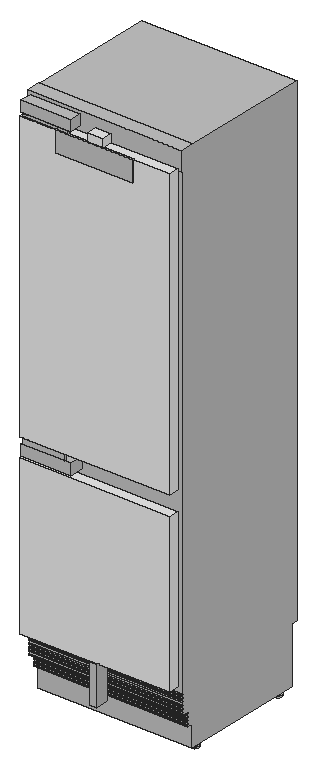
Revit family "FP_Revit_18_RS2484WLUK1_Fridge_90001068A", category Specialty Equipment, Revit 2018 (continued)
Definition of nested family "Handle Professional Round - Vertical"
  Automatic sketch dimensions
    Sweep 5 sketch curve to profile plane = 3 mm  (x2)
    Extrusion 6 sketch curve to plane 3 "Center (Left/Right)" = 0 mm
    Extrusion 6 sketch curve to plane 3 "Center (Left/Right)" = 18.5 mm
    plane 1 "Center (Front/Back)" to Extrusion 6 sketch curve = 41.7 mm
    Extrusion 6 sketch curve to Extrusion 6 sketch curve = 41.7 mm
    Extrusion 7 sketch curve to plane 3 "Center (Left/Right)" = 0 mm
    Extrusion 7 sketch curve to plane 3 "Center (Left/Right)" = 18.5 mm
    plane 1 "Center (Front/Back)" to Extrusion 7 sketch curve = 41.7 mm
    Extrusion 7 sketch curve to Extrusion 7 sketch curve = 41.7 mm
    radius of Extrusion 3 sketch curve = 12.7 mm
Definition of nested family "Handle Professional Round Flush - Vertical"
  Parameters (values of type "AHP3-RD84 - Professional round flush handle (Vertical) 677mm")
    URL = "www.fisherpaykel.com"
    Material - Handle = none
    Manufacturer = "Fisher & Paykel Appliances"
    Handle - Length = 677 mm
  Types (4): name
    (no name)
    AHP3RD2484W - Professional round flush handle (1 of 2) (Vertical) 677mm
    AHP3RD3084W - Professional round flush handle (1 of 2) (Vertical) 677mm
    AHP3-RD84 - Professional round flush handle (Vertical) 677mm
  Reference planes
    plane 1 "Center (Front/Back)": y = 0
    plane 2: z = 0
    plane 3 "Center (Left/Right)": x = 0
    plane 4 "Top": z = 338.5
    plane 5 "Bottom": z = -338.5
    plane 6 "Top Standoff": z = 303.5
    plane 7 "Bottom Standoff": z = -303.5
  Forms (mm)
    Extrusion 1, solid, material <- "Material - Handle", detail levels fine
      sketch origin (0, 0, 0) x (1, 0, 0) y (0, 1, 0)
        loop
          arc (-12.817, -46.665) -> (0, -58.016) -> (12.817, -46.665) r 12.912
          line (12.817, -46.665) -> (18.5, 0) -> (-18.5, 0) -> (-12.817, -46.665)
      from 303.5 to 338.5
    Extrusion 2, solid, material <- "Material - Handle", detail levels fine
      sketch origin (0, 0, 0) x (1, 0, 0) y (0, 1, 0)
        loop
          arc (-12.817, -46.665) -> (0, -58.016) -> (12.817, -46.665) r 12.912
          line (12.817, -46.665) -> (18.5, 0) -> (-18.5, 0) -> (-12.817, -46.665)
      from -338.5 to -303.5
    Extrusion 3, solid, material <- "Material - Handle"
      sketch origin (0, 0, 0) x (1, 0, 0) y (0, 1, 0)
        loop
          circle (0, -45.116) r 12.7
      from -303.5 to 303.5
    Sweep 4, void
      path in 3D
        loop
          line (18.5, 0, 338.5) -> (12.817, -46.665, 338.5)
          arc (12.817, -46.665, 338.5) -> (0, -58.016, 338.5) -> (-12.817, -46.665, 338.5) r 12.912
          line (-12.817, -46.665, 338.5) -> (-18.5, 0, 338.5)
      profile origin (0, -58.016, 338.5) x (0, -1, 0) y (0, 0, 1)
        loop
          line (0, 0) -> (-1.5, 0) -> (0, -1.5) -> (0, 0)
    Sweep 5, void
      path in 3D
        loop
          line (-18.5, 0, -338.5) -> (-12.817, -46.665, -338.5)
          arc (-12.817, -46.665, -338.5) -> (0, -58.016, -338.5) -> (12.817, -46.665, -338.5) r 12.912
          line (12.817, -46.665, -338.5) -> (18.5, 0, -338.5)
      profile origin (0, -58.016, -338.5) x (0, -1, 0) y (0, 0, -1)
        loop
          line (0, 0) -> (-1.5, 0) -> (0, -1.5) -> (0, 0)
    Extrusion 6, solid, material <- "Material - Handle", detail levels coarse+medium
      sketch origin (0, 0, 0) x (1, 0, 0) y (0, 1, 0)
        loop
          arc (-12.817, -46.665) -> (0, -58.016) -> (12.817, -46.665) r 12.912
          line (12.817, -46.665) -> (18.5, 0) -> (-18.5, 0) -> (-12.817, -46.665)
      from 303.5 to 338.5
    Extrusion 7, solid, material <- "Material - Handle", detail levels coarse+medium
      sketch origin (0, 0, 0) x (1, 0, 0) y (0, 1, 0)
        loop
          arc (-12.817, -46.665) -> (0, -58.016) -> (12.817, -46.665) r 12.912
          line (12.817, -46.665) -> (18.5, 0) -> (-18.5, 0) -> (-12.817, -46.665)
      from -338.5 to -303.5
  Cuts and joins
    Sweep 4 cuts Extrusion 1
    Sweep 5 cuts Extrusion 2
  Lines and regions (mm)
    sketch lines
      curve 1: arc (12.817, -46.665, 338.5) -> (0, -58.016, 338.5) -> (-12.817, -46.665, 338.5) r 12.912
      curve 2: line (12.817, -46.665, 338.5) -> (18.5, 0, 338.5)
      curve 3: line (-18.5, 0, 338.5) -> (-12.817, -46.665, 338.5)
      curve 4: arc (-12.817, -46.665, -338.5) -> (0, -58.016, -338.5) -> (12.817, -46.665, -338.5) r 12.912
      curve 5: line (18.5, 0, -338.5) -> (12.817, -46.665, -338.5)
      curve 6: line (-12.817, -46.665, -338.5) -> (-18.5, 0, -338.5)
  Dimensions and locks
    equal spacing: plane 4 "Top", level, plane 5 "Bottom"
    "Handle - Length": plane 4 "Top" to plane 5 "Bottom"
    aligned and locked: level to plane 2
    aligned and locked: plane 4 "Top" to Extrusion 1
    aligned and locked: Extrusion 1 to plane 6 "Top Standoff"
    aligned and locked: Extrusion 2 to plane 5 "Bottom"
    aligned and locked: plane 1 "Center (Front/Back)" to Extrusion 2 sketch curve
    aligned and locked: plane 6 "Top Standoff" to Extrusion 3
    aligned and locked: Extrusion 3 to plane 7 "Bottom Standoff"
  Automatic sketch dimensions
    plane 1 "Center (Front/Back)" to Extrusion 1 sketch curve = 0 mm
    Extrusion 1 sketch curve to plane 3 "Center (Left/Right)" = 0 mm
    Extrusion 1 sketch curve to plane 3 "Center (Left/Right)" = 12.817 mm
    Extrusion 1 sketch curve to plane 3 "Center (Left/Right)" = 18.5 mm
    plane 3 "Center (Left/Right)" to Extrusion 1 sketch curve = 12.817 mm
    plane 3 "Center (Left/Right)" to Extrusion 1 sketch curve = 18.5 mm
    plane 1 "Center (Front/Back)" to Extrusion 1 sketch curve = 45.104 mm
    Extrusion 1 sketch curve to Extrusion 1 sketch curve = 1.561 mm
    Extrusion 2 sketch curve to plane 3 "Center (Left/Right)" = 0 mm
    Extrusion 2 sketch curve to plane 3 "Center (Left/Right)" = 12.817 mm
    Extrusion 2 sketch curve to plane 3 "Center (Left/Right)" = 18.5 mm
    plane 3 "Center (Left/Right)" to Extrusion 2 sketch curve = 12.817 mm
    plane 3 "Center (Left/Right)" to Extrusion 2 sketch curve = 18.5 mm
    plane 1 "Center (Front/Back)" to Extrusion 2 sketch curve = 45.104 mm
    Extrusion 2 sketch curve to Extrusion 2 sketch curve = 1.561 mm
    Extrusion 3 sketch curve to plane 3 "Center (Left/Right)" = 0 mm
    plane 1 "Center (Front/Back)" to Extrusion 3 sketch curve = 45.116 mm
    Sweep 4 sketch curve to profile plane = 0 mm  (x2)
    profile plane to Sweep 4 sketch curve = 1.5 mm
    Sweep 4 sketch curve to profile plane = 1.5 mm
    profile plane to Sweep 5 sketch curve = 0 mm
    Sweep 5 sketch curve to profile plane = 0 mm
    profile plane to Sweep 5 sketch curve = 1.5 mm
    Sweep 5 sketch curve to profile plane = 1.5 mm
    Extrusion 6 sketch curve to plane 3 "Center (Left/Right)" = 0 mm
    Extrusion 6 sketch curve to plane 3 "Center (Left/Right)" = 12.817 mm
    Extrusion 6 sketch curve to plane 3 "Center (Left/Right)" = 18.5 mm
    plane 3 "Center (Left/Right)" to Extrusion 6 sketch curve = 12.817 mm
    plane 3 "Center (Left/Right)" to Extrusion 6 sketch curve = 18.5 mm
    plane 1 "Center (Front/Back)" to Extrusion 6 sketch curve = 46.665 mm
    Extrusion 6 sketch curve to Extrusion 6 sketch curve = 1.561 mm
    Extrusion 6 sketch curve to Extrusion 6 sketch curve = 46.665 mm
    Extrusion 7 sketch curve to plane 3 "Center (Left/Right)" = 0 mm
    Extrusion 7 sketch curve to plane 3 "Center (Left/Right)" = 12.817 mm
    Extrusion 7 sketch curve to plane 3 "Center (Left/Right)" = 18.5 mm
    plane 3 "Center (Left/Right)" to Extrusion 7 sketch curve = 12.817 mm
    plane 3 "Center (Left/Right)" to Extrusion 7 sketch curve = 18.5 mm
    plane 1 "Center (Front/Back)" to Extrusion 7 sketch curve = 46.665 mm
    Extrusion 7 sketch curve to Extrusion 7 sketch curve = 1.561 mm
    Extrusion 7 sketch curve to Extrusion 7 sketch curve = 46.665 mm
    radius of Extrusion 3 sketch curve = 12.7 mm
Definition of nested family "Handle Professional Square - Vertical"
  Parameters (values of type "AHV2RS3272A - Professional square handle (1 of 2) (Vertical) 727mm")
    URL = "www.fisherpaykel.com"
    Material - Handle = none
    Manufacturer = "Fisher & Paykel Appliances"
    Handle - Length = 727 mm
  Types (5, lengths in mm): name | Handle - Length
    (no name) | 727
    AHV2RD2484W - Professional square handle (1 of 2) (Vertical) 727mm | 727
    AHV2RD3084W - Professional square handle (1 of 2) (Vertical) 727mm | 727
    AHV2-RD84 - Professional square handle (Vertical) 792mm | 792
    AHV2RS3272A - Professional square handle (1 of 2) (Vertical) 727mm | 727
  Reference planes
    plane 1 "Center (Front/Back)": y = 0
    plane 2: z = 0
    plane 3 "Center (Left/Right)": x = 0
    plane 4 "Top": z = 363.5
    plane 5 "Bottom": z = -363.5
    plane 6 "Top Standoff": z = 313.5
    plane 7 "Bottom Standoff": z = -313.5
  Forms (mm)
    Extrusion 1, solid, material <- "Material - Handle", detail levels fine
      sketch origin (0, 0, 0) x (0, 1, 0) y (0, 0, 1)
        loop
          line (0, 363.5) -> (-40, 363.5)
          arc (-40, 363.5) -> (-47.071, 360.571) -> (-50, 353.5) r 10
          line (-50, 353.5) -> (-50, 313.5) -> (0, 313.5) -> (0, 363.5)
        loop
          line (0, -363.5) -> (0, -313.5) -> (-50, -313.5) -> (-50, -353.5)
          arc (-50, -353.5) -> (-47.071, -360.571) -> (-40, -363.5) r 10
          line (-40, -363.5) -> (0, -363.5)
      from -17.5 to 17.5
    Sweep 2, void
      path in 3D
        loop
          line (17.5, 0, 363.5) -> (17.5, -40, 363.5)
          arc (17.5, -40, 363.5) -> (17.5, -47.071, 360.571) -> (17.5, -50, 353.5) r 10
          line (17.5, -50, 353.5) -> (17.5, -50, 313.5)
      profile origin (17.5, -20, 363.5) x (1, 0, 0) y (0, 0, 1)
        loop
          line (0, 0) -> (-2.5, 0) -> (0, -2.5) -> (0, 0)
    Sweep 3, void
      path in 3D
        loop
          line (-17.5, -50, 313.5) -> (-17.5, -50, 353.5)
          arc (-17.5, -50, 353.5) -> (-17.5, -47.071, 360.571) -> (-17.5, -40, 363.5) r 10
          line (-17.5, -40, 363.5) -> (-17.5, 0, 363.5)
      profile origin (-17.5, -20, 363.5) x (-1, 0, 0) y (0, 0, 1)
        loop
          line (0, 0) -> (-2.5, 0) -> (0, -2.5) -> (0, 0)
    Sweep 4, void
      path in 3D
        loop
          line (17.5, -50, -313.5) -> (17.5, -50, -353.5)
          arc (17.5, -50, -353.5) -> (17.5, -47.071, -360.571) -> (17.5, -40, -363.5) r 10
          line (17.5, -40, -363.5) -> (17.5, 0, -363.5)
      profile origin (17.5, -20, -363.5) x (1, 0, 0) y (0, 0, -1)
        loop
          line (0, 0) -> (-2.5, 0) -> (0, -2.5) -> (0, 0)
    Sweep 5, void
      path in 3D
        loop
          line (-17.5, 0, -363.5) -> (-17.5, -40, -363.5)
          arc (-17.5, -40, -363.5) -> (-17.5, -47.071, -360.571) -> (-17.5, -50, -353.5) r 10
          line (-17.5, -50, -353.5) -> (-17.5, -50, -313.5)
      profile origin (-17.5, -20, -363.5) x (-1, 0, 0) y (0, 0, -1)
        loop
          line (0, 0) -> (-2.5, 0) -> (0, -2.5) -> (0, 0)
    Extrusion 6, solid, material <- "Material - Handle", detail levels fine
      sketch origin (0, 0, 0) x (1, 0, 0) y (0, 1, 0)
        loop
          line (-15.5, -36.737) -> (-15.5, -46.422) -> (-14.172, -47.75) -> (14.172, -47.75) -> (15.5, -46.422) -> (15.5, -36.737)
          arc (15.5, -36.737) -> (0, -32.25) -> (-15.5, -36.737) r 29.013
      from -313.5 to 313.5
    Extrusion 7, solid, material <- "Material - Handle", detail levels coarse+medium
      sketch origin (0, 0, 0) x (0, 1, 0) y (0, 0, 1)
        loop
          line (0, 363.5) -> (-40, 363.5)
          arc (-40, 363.5) -> (-47.071, 360.571) -> (-50, 353.5) r 10
          line (-50, 353.5) -> (-50, -353.5)
          arc (-50, -353.5) -> (-47.071, -360.571) -> (-40, -363.5) r 10
          line (-40, -363.5) -> (0, -363.5) -> (0, -313.5) -> (-31.95, -313.5) -> (-31.95, 313.5) -> (0, 313.5) -> (0, 363.5)
      from -17.5 to 17.5
  Cuts and joins
    Sweep 2, Sweep 3, Sweep 4, Sweep 5 cuts Extrusion 1
  Lines and regions (mm)
    sketch lines
      curve 1: line (17.5, 0, 363.5) -> (17.5, -40, 363.5)
      curve 2: arc (17.5, -50, 353.5) -> (17.5, -47.071, 360.571) -> (17.5, -40, 363.5) r 10
      curve 3: line (17.5, -50, 353.5) -> (17.5, -50, 313.5)
      curve 4: line (-17.5, -40, 363.5) -> (-17.5, 0, 363.5)
      curve 5: arc (-17.5, -40, 363.5) -> (-17.5, -47.071, 360.571) -> (-17.5, -50, 353.5) r 10
      curve 6: line (-17.5, -50, 313.5) -> (-17.5, -50, 353.5)
      curve 7: line (17.5, -40, -363.5) -> (17.5, 0, -363.5)
      curve 8: arc (17.5, -40, -363.5) -> (17.5, -47.071, -360.571) -> (17.5, -50, -353.5) r 10
      curve 9: line (17.5, -50, -313.5) -> (17.5, -50, -353.5)
      curve 10: line (-17.5, 0, -363.5) -> (-17.5, -40, -363.5)
      curve 11: arc (-17.5, -50, -353.5) -> (-17.5, -47.071, -360.571) -> (-17.5, -40, -363.5) r 10
      curve 12: line (-17.5, -50, -353.5) -> (-17.5, -50, -313.5)
  Dimensions and locks
    equal spacing: plane 4 "Top", level, plane 5 "Bottom"
    "Handle - Length": plane 4 "Top" to plane 5 "Bottom"
    plane 7 "Bottom Standoff" to plane 5 "Bottom" = 50 mm
    plane 4 "Top" to plane 6 "Top Standoff" = 50 mm
    aligned and locked: level to plane 2
    aligned and locked: plane 4 "Top" to Extrusion 1 sketch curve
    aligned and locked: plane 5 "Bottom" to Extrusion 1 sketch curve
    aligned and locked: Extrusion 1 sketch curve to plane 1 "Center (Front/Back)"
    aligned and locked: plane 1 "Center (Front/Back)" to Extrusion 1 sketch curve
    aligned and locked: plane 6 "Top Standoff" to Extrusion 1 sketch curve
    aligned and locked: plane 7 "Bottom Standoff" to Extrusion 1 sketch curve
    aligned and locked: plane 6 "Top Standoff" to Extrusion 6
    aligned and locked: Extrusion 6 to plane 7 "Bottom Standoff"
    aligned and locked: plane 4 "Top" to Extrusion 7 sketch curve
    aligned and locked: plane 6 "Top Standoff" to Extrusion 7 sketch curve
    aligned and locked: plane 1 "Center (Front/Back)" to Extrusion 7 sketch curve
    aligned and locked: plane 7 "Bottom Standoff" to Extrusion 7 sketch curve
    aligned and locked: plane 5 "Bottom" to Extrusion 7 sketch curve
    aligned and locked: Extrusion 7 sketch curve to plane 1 "Center (Front/Back)"
  Automatic sketch dimensions
    Sweep 2 sketch curve to profile plane = 0 mm
    profile plane to Sweep 2 sketch curve = 0 mm
    profile plane to Sweep 2 sketch curve = 2.5 mm
    Sweep 2 sketch curve to profile plane = 2.5 mm
    Sweep 3 sketch curve to profile plane = 0 mm  (x2)
    profile plane to Sweep 3 sketch curve = 2.5 mm
    Sweep 3 sketch curve to profile plane = 2.5 mm
    Sweep 4 sketch curve to profile plane = 0 mm
    profile plane to Sweep 4 sketch curve = 0 mm
    profile plane to Sweep 4 sketch curve = 2.5 mm
    Sweep 4 sketch curve to profile plane = 2.5 mm
    Sweep 5 sketch curve to profile plane = 0 mm  (x2)
    profile plane to Sweep 5 sketch curve = 2.5 mm
    Sweep 5 sketch curve to profile plane = 2.5 mm
    plane 1 "Center (Front/Back)" to Extrusion 1 sketch curve = 40 mm  (x2)
    Extrusion 1 sketch curve to Extrusion 1 sketch curve = 10 mm  (x2)
    Extrusion 6 sketch curve to plane 3 "Center (Left/Right)" = 0 mm
    Extrusion 6 sketch curve to Extrusion 6 sketch curve = 1.328 mm  (x4)
    plane 1 "Center (Front/Back)" to Extrusion 6 sketch curve = 61.263 mm
    Extrusion 6 sketch curve to Extrusion 6 sketch curve = 13.513 mm
    Extrusion 6 sketch curve to Extrusion 6 sketch curve = 9.684 mm  (x2)
    Extrusion 6 sketch curve to plane 3 "Center (Left/Right)" = 14.172 mm
    plane 1 "Center (Front/Back)" to Extrusion 7 sketch curve = 31.95 mm
    plane 1 "Center (Front/Back)" to Extrusion 7 sketch curve = 40 mm  (x2)
    Extrusion 7 sketch curve to plane 4 "Top" = 10 mm
Definition of nested family "Handle Contemporary Round - Horizontal"
  Parameters (values of type "AHSRS80A - Contemporary round handle (2 of 2) (Horizontal) 646mm")
    URL = "www.fisherpaykel.com"
    Product - Width = 646 mm
    Material - Handle = none
    Manufacturer = "Fisher & Paykel Appliances"
  Types (5, lengths in mm): name | Product - Width
    (no name) | 646
    AHSRD2484W - Contemporary round handle (2 of 2) (Horizontal) 494mm | 494
    AHSRD3084W - Contemporary round handle (2 of 2) (Horizontal) 646mm | 646
    AHSRS3272A - Contemporary round handle (2 of 2) (Horizontal) 646mm | 646
    AHSRS80A - Contemporary round handle (2 of 2) (Horizontal) 646mm | 646
  Reference planes
    plane 1 "Center (Front/Back)": y = 0
    plane 2: z = 0
    plane 3 "Center (Left/Right)": x = 0
    plane 4 "Product LHS": x = -323
    plane 5 "Product RHS": x = 323
    plane 6 "LHS Standoff": x = -202.995
    plane 7 "RHS Standoff": x = 203.005
  Forms (mm)
    Extrusion 1, solid, material <- "Material - Handle"
      sketch origin (0, 0, 0) x (0, 1, 0) y (0, 0, 1)
        loop
          circle (-32.3, 0) r 8.7
      from -202.995 to 203.005
    Extrusion 2, solid, material <- "Material - Handle", detail levels fine
      sketch origin (0, 0, 0) x (0, 1, 0) y (0, 0, 1)
        loop
          line (0, 8.7) -> (-32.3, 8.7)
          arc (-32.3, 8.7) -> (-41, 0) -> (-32.3, -8.7) r 8.7
          line (-32.3, -8.7) -> (0, -8.7) -> (0, 8.7)
      from 203.005 to 323
    Extrusion 3, solid, material <- "Material - Handle", detail levels fine
      sketch origin (0, 0, 0) x (0, 1, 0) y (0, 0, -1)
        loop
          line (0, -8.7) -> (0, 8.7) -> (-32.3, 8.7)
          arc (-32.3, 8.7) -> (-41, 0) -> (-32.3, -8.7) r 8.7
          line (-32.3, -8.7) -> (0, -8.7)
      from 202.995 to 323
    Sweep 4, void
      path in 3D
        loop
          line (323, 0, 8.7) -> (323, -32.3, 8.7)
          arc (323, -32.3, 8.7) -> (323, -41, 0) -> (323, -32.3, -8.7) r 8.7
          line (323, -32.3, -8.7) -> (323, 0, -8.7)
      profile origin (323, -16.15, 8.7) x (1, 0, 0) y (0, 0, 1)
        loop
          line (0, 0) -> (-1, 0) -> (0, -1) -> (0, 0)
    Sweep 5, void
      path in 3D
        loop
          line (-323, 0, -8.7) -> (-323, -32.3, -8.7)
          arc (-323, -32.3, -8.7) -> (-323, -41, 0) -> (-323, -32.3, 8.7) r 8.7
          line (-323, -32.3, 8.7) -> (-323, 0, 8.7)
      profile origin (-323, -16.15, 8.7) x (-1, 0, 0) y (0, 0, 1)
        loop
          line (0, 0) -> (-1, 0) -> (0, -1) -> (0, 0)
    Extrusion 6, solid, material <- "Material - Handle", detail levels coarse+medium
      sketch origin (0, 0, 0) x (0, 1, 0) y (0, 0, 1)
        loop
          line (0, 8.7) -> (-32.3, 8.7)
          arc (-32.3, 8.7) -> (-41, 0) -> (-32.3, -8.7) r 8.7
          line (-32.3, -8.7) -> (0, -8.7) -> (0, 8.7)
      from 203.005 to 323
    Extrusion 7, solid, material <- "Material - Handle", detail levels coarse+medium
      sketch origin (0, 0, 0) x (0, 1, 0) y (0, 0, -1)
        loop
          line (0, -8.7) -> (0, 8.7) -> (-32.3, 8.7)
          arc (-32.3, 8.7) -> (-41, 0) -> (-32.3, -8.7) r 8.7
          line (-32.3, -8.7) -> (0, -8.7)
      from 202.995 to 323
  Cuts and joins
    Sweep 4 cuts Extrusion 2
    Sweep 5 cuts Extrusion 3
  Lines and regions (mm)
    sketch lines
      curve 1: line (323, 0, 8.7) -> (323, -32.3, 8.7)
      curve 2: arc (323, -32.3, -8.7) -> (323, -41, 0) -> (323, -32.3, 8.7) r 8.7
      curve 3: line (323, -32.3, -8.7) -> (323, 0, -8.7)
      curve 4: line (-323, -32.3, 8.7) -> (-323, 0, 8.7)
      curve 5: arc (-323, -32.3, 8.7) -> (-323, -41, 0) -> (-323, -32.3, -8.7) r 8.7
      curve 6: line (-323, 0, -8.7) -> (-323, -32.3, -8.7)
  Dimensions and locks
    equal spacing: plane 4 "Product LHS", plane 3 "Center (Left/Right)", plane 5 "Product RHS"
    "Product - Width": plane 4 "Product LHS" to plane 5 "Product RHS"
    locked: plane 4 "Product LHS" to plane 6 "LHS Standoff" at 120.005
    locked: plane 7 "RHS Standoff" to plane 5 "Product RHS" at 119.995
    equal spacing: Extrusion 2 sketch curve, level, Extrusion 2 sketch curve
    Extrusion 3 sketch curve to Extrusion 3 sketch curve = 17.4 mm
    Extrusion 6 sketch curve to Extrusion 6 sketch curve = 17.4 mm
    Extrusion 7 sketch curve to Extrusion 7 sketch curve = 17.4 mm
    aligned and locked: level to plane 2
    aligned and locked: plane 7 "RHS Standoff" to Extrusion 1
    aligned and locked: Extrusion 2 to Extrusion 1
    aligned and locked: Extrusion 2 to plane 5 "Product RHS"
    aligned and locked: plane 4 "Product LHS" to Extrusion 3
    aligned and locked: plane 6 "LHS Standoff" to Extrusion 3
    aligned and locked: Extrusion 1 to plane 6 "LHS Standoff"
    aligned and locked: Extrusion 6 to Extrusion 1
    aligned and locked: Extrusion 6 to plane 5 "Product RHS"
    aligned and locked: plane 4 "Product LHS" to Extrusion 7
    aligned and locked: Extrusion 7 to Extrusion 1
  Automatic sketch dimensions
    Extrusion 1 sketch curve to level = 0 mm
    plane 1 "Center (Front/Back)" to Extrusion 1 sketch curve = 32.3 mm
    Extrusion 2 sketch curve to plane 1 "Center (Front/Back)" = 0 mm
    Extrusion 2 sketch curve to level = 8.7 mm
    plane 1 "Center (Front/Back)" to Extrusion 2 sketch curve = 32.3 mm
    Extrusion 3 sketch curve to level = 0 mm
    Extrusion 3 sketch curve to plane 1 "Center (Front/Back)" = 0 mm
    Extrusion 3 sketch curve to level = 8.7 mm
    plane 1 "Center (Front/Back)" to Extrusion 3 sketch curve = 32.3 mm
    Sweep 4 sketch curve to profile plane = 0 mm
    profile plane to Sweep 4 sketch curve = 0 mm
    profile plane to Sweep 4 sketch curve = 1 mm
    Sweep 4 sketch curve to profile plane = 1 mm
    Sweep 5 sketch curve to profile plane = 0 mm  (x2)
    profile plane to Sweep 5 sketch curve = 1 mm
    Sweep 5 sketch curve to profile plane = 1 mm
    Extrusion 6 sketch curve to level = 0 mm
    level to Extrusion 6 sketch curve = 8.7 mm
    plane 1 "Center (Front/Back)" to Extrusion 6 sketch curve = 32.3 mm
    Extrusion 6 sketch curve to Extrusion 6 sketch curve = 32.3 mm
    Extrusion 7 sketch curve to level = 0 mm
    level to Extrusion 7 sketch curve = 8.7 mm
    plane 1 "Center (Front/Back)" to Extrusion 7 sketch curve = 32.3 mm
    Extrusion 7 sketch curve to Extrusion 7 sketch curve = 32.3 mm
    radius of Extrusion 1 sketch curve = 8.7 mm
Definition of nested family "Handle Contemporary Square - Horizontal"
  Parameters (values of type "AHD3RD3084W - Contemporary square handle (2 of 2) (Horizontal) 646mm")
    URL = "www.fisherpaykel.com"
    Material - Handle = none
    Manufacturer = "Fisher & Paykel Appliances"
    Handle - Length = 646 mm
  Types (5, lengths in mm): name | Handle - Length
    (no name) | 646
    AHD3RD2484W - Contemporary square handle (2 of 2) (Horizontal) 494mm | 494
    AHD3RD3084W - Contemporary square handle (2 of 2) (Horizontal) 646mm | 646
    AHD3RS3272A - Contemporary square handle (2 of 2) (Horizontal) 646mm | 646
    AHD3RS80A - Contemporary square handle (2 of 2) (Horizontal) 646mm | 646
  Reference planes
    plane 1 "Center (Front/Back)": y = 0
    plane 2: z = 0
    plane 3 "Center (Left/Right)": x = 0
    plane 4 "Product LHS": x = -323
    plane 5 "Product RHS": x = 323
    plane 6 "LHS Standoff": x = -202.995
    plane 7 "RHS Standoff": x = 203.005
  Forms (mm)
    Extrusion 1, solid, material <- "Material - Handle", detail levels fine
      sketch origin (0, 0, 0) x (0, 1, 0) y (0, 0, 1)
        loop
          arc (-28.701, 7.561) -> (-29.057, 7.868) -> (-29.514, 7.978) r 1
          line (-29.514, 7.978) -> (-40.5, 7.978)
          arc (-40.5, 7.978) -> (-41.561, 7.539) -> (-42, 6.478) r 1.5
          line (-42, 6.478) -> (-42, -6.522)
          arc (-42, -6.522) -> (-41.561, -7.583) -> (-40.5, -8.022) r 1.5
          line (-40.5, -8.022) -> (-29.487, -8.022)
          arc (-29.487, -8.022) -> (-29.029, -7.911) -> (-28.673, -7.602) r 1
          arc (-28.673, -7.602) -> (-26.256, -0.016) -> (-28.701, 7.561) r 13.038
      from -323 to 323
    Extrusion 2, solid, material <- "Material - Handle", detail levels fine
      sketch origin (0, 0, 0) x (0, 1, 0) y (0, 0, 1)
        loop
          arc (-28.23, 7.062) -> (-26.156, 0.008) -> (-28.198, -7.056) r 13.136
          arc (-28.198, -7.056) -> (-28.21, -7.463) -> (-27.86, -7.67) r 0.4
          line (-27.86, -7.67) -> (0, -7.67) -> (0, 7.678) -> (-27.893, 7.678)
          arc (-27.893, 7.678) -> (-28.244, 7.47) -> (-28.23, 7.062) r 0.4
      from 203.005 to 323
    Extrusion 3, solid, material <- "Material - Handle", detail levels fine
      sketch origin (0, 0, 0) x (0, 1, 0) y (0, 0, -1)
        loop
          arc (-28.23, -7.062) -> (-28.244, -7.47) -> (-27.893, -7.678) r 0.4
          line (-27.893, -7.678) -> (0, -7.678) -> (0, 7.67) -> (-27.86, 7.67)
          arc (-27.86, 7.67) -> (-28.21, 7.463) -> (-28.198, 7.056) r 0.4
          arc (-28.198, 7.056) -> (-26.156, -0.008) -> (-28.23, -7.062) r 13.136
      from 202.995 to 323
    Sweep 4, void
      path in 3D
        loop
          line (323, -29.514, 7.978) -> (323, -40.5, 7.978)
          arc (323, -40.5, 7.978) -> (323, -41.561, 7.539) -> (323, -42, 6.478) r 1.5
          line (323, -42, 6.478) -> (323, -42, -6.522)
          arc (323, -42, -6.522) -> (323, -41.561, -7.583) -> (323, -40.5, -8.022) r 1.5
          line (323, -40.5, -8.022) -> (323, -29.487, -8.022)
      profile origin (323, -35.007, 7.978) x (1, 0, 0) y (0, 0, 1)
        loop
          line (0, 0) -> (-1.3, 0) -> (0, -1.3) -> (0, 0)
    Sweep 5, void
      path in 3D
        loop
          line (-323, -29.487, -8.022) -> (-323, -40.5, -8.022)
          arc (-323, -40.5, -8.022) -> (-323, -41.561, -7.583) -> (-323, -42, -6.522) r 1.5
          line (-323, -42, -6.522) -> (-323, -42, 6.478)
          arc (-323, -42, 6.478) -> (-323, -41.561, 7.539) -> (-323, -40.5, 7.978) r 1.5
          line (-323, -40.5, 7.978) -> (-323, -29.514, 7.978)
      profile origin (-323, -35.007, 7.978) x (-1, 0, 0) y (0, 0, 1)
        loop
          line (0, 0) -> (-1.3, 0) -> (0, -1.3) -> (0, 0)
    Extrusion 6, void
      sketch origin (0, 0, 0) x (1, 0, 0) y (0, 0, 1)
        loop
          line (323, 7.978) -> (321.7, 7.978) -> (323, 6.678) -> (323, 7.978)
        loop
          line (323, -8.022) -> (323, -6.722) -> (321.7, -8.022) -> (323, -8.022)
      from 0 to 40
    Extrusion 7, void
      sketch origin (0, 0, 0) x (1, 0, 0) y (0, 0, 1)
        loop
          line (-323, 7.978) -> (-323, 6.678) -> (-321.7, 7.978) -> (-323, 7.978)
        loop
          line (-323, -8.022) -> (-321.7, -8.022) -> (-323, -6.722) -> (-323, -8.022)
      from 0 to 40
    Extrusion 8, solid, material <- "Material - Handle", detail levels coarse+medium
      sketch origin (0, 0, 0) x (1, 0, 0) y (0, 1, 0)
        loop
          line (-323, -42) -> (323, -42) -> (323, 0) -> (203.005, 0) -> (203.005, -26.156) -> (-202.995, -26.156) -> (-202.995, 0) -> (-323, 0) -> (-323, -42)
      from -8.022 to 7.978
  Cuts and joins
    Sweep 4, Sweep 5, Extrusion 6, Extrusion 7 cuts Extrusion 1
    Extrusion 6 cuts Extrusion 2
    Extrusion 7 cuts Extrusion 3
  Lines and regions (mm)
    sketch lines
      curve 1: line (323, -29.514, 7.978) -> (323, -40.5, 7.978)
      curve 2: arc (323, -42, 6.478) -> (323, -41.561, 7.539) -> (323, -40.5, 7.978) r 1.5
      curve 3: line (323, -42, 6.478) -> (323, -42, -6.522)
      curve 4: arc (323, -40.5, -8.022) -> (323, -41.561, -7.583) -> (323, -42, -6.522) r 1.5
      curve 5: line (323, -40.5, -8.022) -> (323, -29.487, -8.022)
      curve 6: line (-323, -40.5, 7.978) -> (-323, -29.514, 7.978)
      curve 7: arc (-323, -40.5, 7.978) -> (-323, -41.561, 7.539) -> (-323, -42, 6.478) r 1.5
      curve 8: line (-323, -42, -6.522) -> (-323, -42, 6.478)
      curve 9: arc (-323, -42, -6.522) -> (-323, -41.561, -7.583) -> (-323, -40.5, -8.022) r 1.5
      curve 10: line (-323, -29.487, -8.022) -> (-323, -40.5, -8.022)
  Dimensions and locks
    equal spacing: plane 4 "Product LHS", plane 3 "Center (Left/Right)", plane 5 "Product RHS"
    "Handle - Length": plane 4 "Product LHS" to plane 5 "Product RHS"
    locked: plane 4 "Product LHS" to plane 6 "LHS Standoff" at 120.005
    locked: plane 7 "RHS Standoff" to plane 5 "Product RHS" at 119.995
    aligned and locked: level to plane 2
    aligned and locked: Extrusion 1 to plane 5 "Product RHS"
    aligned and locked: plane 4 "Product LHS" to Extrusion 1
    aligned and locked: Extrusion 2 to plane 5 "Product RHS"
    aligned and locked: plane 4 "Product LHS" to Extrusion 3
    aligned and locked: plane 4 "Product LHS" to Extrusion 8 sketch curve
    aligned and locked: Extrusion 8 sketch curve to plane 5 "Product RHS"
    aligned and locked: Extrusion 8 sketch curve to plane 7 "RHS Standoff"
    aligned and locked: plane 6 "LHS Standoff" to Extrusion 8 sketch curve
    aligned and locked: Extrusion 2 to plane 7 "RHS Standoff"
    aligned and locked: plane 6 "LHS Standoff" to Extrusion 3
  Automatic sketch dimensions
    Extrusion 1 sketch curve to level = 6.522 mm
    plane 1 "Center (Front/Back)" to Extrusion 1 sketch curve = 42 mm
    Extrusion 1 sketch curve to Extrusion 1 sketch curve = 1.5 mm  (x2)
    Extrusion 1 sketch curve to level = 0.04 mm
    Extrusion 1 sketch curve to Extrusion 1 sketch curve = 1.206 mm
    level to Extrusion 1 sketch curve = 6.978 mm
    Extrusion 1 sketch curve to Extrusion 1 sketch curve = 10.986 mm
    Extrusion 1 sketch curve to Extrusion 1 sketch curve = 11.013 mm
    Extrusion 1 sketch curve to Extrusion 1 sketch curve = 1 mm
    level to Extrusion 1 sketch curve = 6.478 mm
    Extrusion 1 sketch curve to Extrusion 1 sketch curve = 0 mm
    Extrusion 2 sketch curve to plane 1 "Center (Front/Back)" = 0 mm
    Extrusion 2 sketch curve to level = 7.67 mm
    Extrusion 2 sketch curve to Extrusion 2 sketch curve = 27.86 mm
    level to Extrusion 2 sketch curve = 7.678 mm
    Extrusion 2 sketch curve to Extrusion 2 sketch curve = 0.033 mm
    Extrusion 2 sketch curve to level = 0.022 mm
    Extrusion 2 sketch curve to Extrusion 2 sketch curve = 11.398 mm
    Extrusion 2 sketch curve to Extrusion 2 sketch curve = 0.4 mm  (x2)
    Extrusion 2 sketch curve to Extrusion 2 sketch curve = 0 mm
    Extrusion 3 sketch curve to plane 1 "Center (Front/Back)" = 0 mm
    Extrusion 3 sketch curve to level = 7.67 mm
    Extrusion 3 sketch curve to Extrusion 3 sketch curve = 27.86 mm
    level to Extrusion 3 sketch curve = 7.678 mm
    Extrusion 3 sketch curve to Extrusion 3 sketch curve = 0.033 mm
    Extrusion 3 sketch curve to level = 0.022 mm
    Extrusion 3 sketch curve to Extrusion 3 sketch curve = 11.398 mm
    Extrusion 3 sketch curve to Extrusion 3 sketch curve = 0.4 mm  (x2)
    Extrusion 3 sketch curve to Extrusion 3 sketch curve = 0 mm
    profile plane to Sweep 4 sketch curve = 0 mm
    Sweep 4 sketch curve to profile plane = 0 mm
    Sweep 4 sketch curve to profile plane = 1.3 mm
    profile plane to Sweep 4 sketch curve = 1.3 mm
    Sweep 5 sketch curve to profile plane = 0 mm  (x2)
    profile plane to Sweep 5 sketch curve = 1.3 mm
    Sweep 5 sketch curve to profile plane = 1.3 mm
    plane 5 "Product RHS" to Extrusion 6 sketch curve = 0 mm  (x2)
    Extrusion 6 sketch curve to Extrusion 6 sketch curve = 1.3 mm  (x4)
    Extrusion 6 sketch curve to level = 6.722 mm
    level to Extrusion 6 sketch curve = 6.678 mm
    plane 4 "Product LHS" to Extrusion 7 sketch curve = 0 mm  (x2)
    Extrusion 7 sketch curve to plane 4 "Product LHS" = 1.3 mm  (x2)
    Extrusion 7 sketch curve to level = 8.022 mm
    level to Extrusion 7 sketch curve = 6.678 mm
    Extrusion 7 sketch curve to Extrusion 7 sketch curve = 1.3 mm  (x2)
    plane 1 "Center (Front/Back)" to Extrusion 8 sketch curve = 0 mm  (x2)
    Extrusion 8 sketch curve to Extrusion 8 sketch curve = 26.156 mm
    Extrusion 8 sketch curve to Extrusion 8 sketch curve = 42 mm
Definition of nested family "F&P Handle Kit - Contemporary Square Fine - Horizontal"
  Parameters (values of type "AHD5RD2484W - Contemporary square fine handle (2 of 2) (Horizontal) 494mm")
    URL = "www.fisherpaykel.com"
    Material - Handle = none
    Manufacturer = "Fisher & Paykel Appliances"
    Handle - Length = 494 mm
  Types (15, lengths in mm): name | Handle - Length
    (no name) | 494
    AHD5RD2484W - Contemporary square fine handle (2 of 2) (Horizontal) 494mm | 494
    AHD5RD2484WB - Contemporary square fine black handle (2 of 2) (Horizontal) 494mm | 494
    AHD5RD3084W - Contemporary square fine handle (2 of 2) (Horizontal) 646mm | 646
    AHD5RD3084WB - Contemporary square fine black handle (2 of 2) (Horizontal) 646mm | 646
    AHD5RD7621W - Contemporary square fine handle (2 of 2) (Horizontal) 646mm | 646
    AHD5RD7621WB - Contemporary square fine handle black (2 of 2) (Horizontal) 646mm | 646
    AHD5RD6121W - Contemporary square fine handle (2 of 2) (Horizontal) 494mm | 494
    AHD5RD6121WB - Contemporary square fine handle black (2 of 2) (Horizontal) 494mm | 494
    AHD5RD36A - Contemporary square fine handle (2 of 2) (Horizontal) 746mm | 746
    AHD5RD36AB - Contemporary square fine black handle (2 of 2) (Horizontal) 746mm | 746
    AHD5RD90A - Contemporary square fine handle (2 of 2) (Horizontal) 746mm | 746
    AHD5RD80A - Contemporary square fine handle (2 of 2) (Horizontal) 646mm | 646
    AHD5RD80AB - Contemporary square fine black handle (2 of 2) (Horizontal) 646mm | 646
    AHD5RD90AB - Contemporary square fine black handle (2 of 2) (Horizontal) 746mm | 746
  Reference planes
    plane 1 "Center (Front/Back)": y = 0
    plane 2: z = 0
    plane 3 "Center (Left/Right)": x = 0
    plane 4 "Product LHS": x = -247
    plane 5 "Product RHS": x = 247
    plane 6 "LHS Standoff": x = -126.995
    plane 7 "RHS Standoff": x = 127.005
  Forms (mm)
    Extrusion 1, solid, material <- "Material - Handle", detail levels fine
      sketch origin (0, 0, 0) x (0, 1, 0) y (0, 0, 1)
        loop
          arc (-26.813, 6.16) -> (-27.196, 6.554) -> (-27.728, 6.686) r 1
          line (-27.728, 6.686) -> (-40.035, 6.256)
          arc (-40.035, 6.256) -> (-40.719, 5.951) -> (-41, 5.257) r 1
          line (-41, 5.257) -> (-41, -5.257)
          arc (-41, -5.257) -> (-40.719, -5.951) -> (-40.035, -6.256) r 1
          line (-40.035, -6.256) -> (-27.709, -6.686)
          arc (-27.709, -6.686) -> (-27.175, -6.554) -> (-26.792, -6.158) r 1
          arc (-26.792, -6.158) -> (-25.256, 0.004) -> (-26.813, 6.16) r 13.038
      from -247 to 247
    Extrusion 2, solid, material <- "Material - Handle", detail levels fine
      sketch origin (0, 0, 0) x (0, 1, 0) y (0, 0, 1)
        loop
          arc (-26.626, -6.008) -> (-26.614, -6.49) -> (-26.2, -6.737) r 0.5
          line (-26.2, -6.737) -> (0, -7.696) -> (0, 7.704) -> (-26.174, 6.747)
          arc (-26.174, 6.747) -> (-26.587, 6.5) -> (-26.6, 6.019) r 0.5
          arc (-26.6, 6.019) -> (-25.156, 0.002) -> (-26.626, -6.008) r 13.136
      from 127.005 to 247
    Extrusion 3, solid, material <- "Material - Handle", detail levels coarse+medium
      sketch origin (0, 0, 0) x (1, 0, 0) y (0, 1, 0)
        loop
          line (-247, -42) -> (247, -42) -> (247, 0) -> (127.005, 0) -> (127.005, -26.156) -> (-126.995, -26.156) -> (-126.995, 0) -> (-247, 0) -> (-247, -42)
      from -8.022 to 7.978
    Extrusion 4, solid, material <- "Material - Handle", detail levels fine
      sketch origin (0, 0, 0) x (0, 1, 0) y (0, 0, 1)
        loop
          arc (-26.626, -6.008) -> (-26.614, -6.49) -> (-26.2, -6.737) r 0.5
          line (-26.2, -6.737) -> (0, -7.696) -> (0, 7.704) -> (-26.174, 6.747)
          arc (-26.174, 6.747) -> (-26.587, 6.5) -> (-26.6, 6.019) r 0.5
          arc (-26.6, 6.019) -> (-25.156, 0.002) -> (-26.626, -6.008) r 13.136
      from -247 to -126.995
  Dimensions and locks
    equal spacing: plane 4 "Product LHS", plane 3 "Center (Left/Right)", plane 5 "Product RHS"
    "Handle - Length": plane 4 "Product LHS" to plane 5 "Product RHS"
    locked: plane 4 "Product LHS" to plane 6 "LHS Standoff" at 120.005
    locked: plane 7 "RHS Standoff" to plane 5 "Product RHS" at 119.995
    aligned and locked: level to plane 2
    aligned and locked: Extrusion 1 to plane 5 "Product RHS"
    aligned and locked: plane 4 "Product LHS" to Extrusion 1
    aligned and locked: Extrusion 2 to plane 5 "Product RHS"
    aligned and locked: plane 4 "Product LHS" to Extrusion 3 sketch curve
    aligned and locked: Extrusion 3 sketch curve to plane 5 "Product RHS"
    aligned and locked: Extrusion 3 sketch curve to plane 7 "RHS Standoff"
    aligned and locked: plane 6 "LHS Standoff" to Extrusion 3 sketch curve
    aligned and locked: plane 4 "Product LHS" to Extrusion 4
    aligned and locked: plane 6 "LHS Standoff" to Extrusion 4
    aligned and locked: Extrusion 2 to plane 7 "RHS Standoff"
  Automatic sketch dimensions
    Extrusion 1 sketch curve to level = 5.257 mm
    plane 1 "Center (Front/Back)" to Extrusion 1 sketch curve = 41 mm
    level to Extrusion 1 sketch curve = 6.256 mm
    Extrusion 1 sketch curve to Extrusion 1 sketch curve = 0.965 mm  (x2)
    Extrusion 1 sketch curve to level = 6.256 mm
    Extrusion 1 sketch curve to Extrusion 1 sketch curve = 0.035 mm  (x3)
    Extrusion 1 sketch curve to level = 0.018 mm
    Extrusion 1 sketch curve to Extrusion 1 sketch curve = 1.706 mm
    level to Extrusion 1 sketch curve = 6.686 mm
    Extrusion 1 sketch curve to Extrusion 1 sketch curve = 12.307 mm
    Extrusion 1 sketch curve to level = 6.686 mm
    Extrusion 1 sketch curve to Extrusion 1 sketch curve = 12.326 mm
    Extrusion 1 sketch curve to Extrusion 1 sketch curve = 0.999 mm  (x2)
    Extrusion 1 sketch curve to Extrusion 1 sketch curve = 0 mm
    Extrusion 2 sketch curve to plane 1 "Center (Front/Back)" = 0 mm
    level to Extrusion 2 sketch curve = 6.247 mm
    plane 1 "Center (Front/Back)" to Extrusion 2 sketch curve = 26.155 mm
    level to Extrusion 2 sketch curve = 6.747 mm
    Extrusion 2 sketch curve to Extrusion 2 sketch curve = 0.018 mm  (x2)
    Extrusion 2 sketch curve to level = 6.238 mm
    Extrusion 2 sketch curve to Extrusion 2 sketch curve = 0.026 mm
    Extrusion 2 sketch curve to level = 6.737 mm
    level to Extrusion 2 sketch curve = 0.03 mm
    Extrusion 2 sketch curve to Extrusion 2 sketch curve = 12.11 mm
    Extrusion 2 sketch curve to level = 7.696 mm
    level to Extrusion 2 sketch curve = 7.704 mm
    Extrusion 2 sketch curve to Extrusion 2 sketch curve = 0 mm
    plane 1 "Center (Front/Back)" to Extrusion 3 sketch curve = 42 mm
    Extrusion 3 sketch curve to Extrusion 3 sketch curve = 15.844 mm
    Extrusion 3 sketch curve to Extrusion 3 sketch curve = 26.156 mm  (x2)
    level to Extrusion 4 sketch curve = 0.03 mm
    plane 1 "Center (Front/Back)" to Extrusion 4 sketch curve = 38.291 mm
    Extrusion 4 sketch curve to level = 6.737 mm
    Extrusion 4 sketch curve to Extrusion 4 sketch curve = 12.091 mm
    Extrusion 4 sketch curve to Extrusion 4 sketch curve = 0.018 mm  (x2)
    level to Extrusion 4 sketch curve = 6.747 mm
    Extrusion 4 sketch curve to Extrusion 4 sketch curve = 0.008 mm
    level to Extrusion 4 sketch curve = 7.704 mm
    Extrusion 4 sketch curve to Extrusion 4 sketch curve = 26.174 mm
    Extrusion 4 sketch curve to level = 7.696 mm
    Extrusion 4 sketch curve to Extrusion 4 sketch curve = 0.5 mm  (x2)
    Extrusion 4 sketch curve to Extrusion 4 sketch curve = 0 mm
Definition of nested family "Handle Professional Round - Horizontal"
  Parameters (values of type "AHCRD2484W - Professional round handle (2 of 2) (Horizontal) 428mm")
    URL = "www.fisherpaykel.com"
    Material - Standoff = none
    Material - Handle = none
    Manufacturer = "Fisher & Paykel Appliances"
    Handle - Length = 428 mm
  Types (4, lengths in mm): name | Handle - Length
    (no name) | 428
    AHCRD2484W - Professional round handle (2 of 2) (Horizontal) 428mm | 428
    AHCRD3084W - Professional round handle (2 of 2) (Horizontal) 580mm | 646
    AHCRS3272A - Professional round handle (2 of 2) (Horizontal) 580mm | 646
  Reference planes
    plane 1 "Center (Front/Back)": y = 0
    plane 2: z = 0
    plane 3 "Center (Left/Right)": x = 0
    plane 4 "Product LHS": x = -214
    plane 5 "Product RHS": x = 214
    plane 6 "LHS Standoff": x = -170
    plane 7 "RHS Standoff": x = 170
  Forms (mm)
    Extrusion 1, solid, material <- "Material - Standoff", detail levels fine
      sketch origin (0, 0, 0) x (0, 1, 0) y (0, 0, 1)
        loop
          line (0, 18.5) -> (-41.7, 18.5)
          arc (-41.7, 18.5) -> (-60.2, 0) -> (-41.7, -18.5) r 18.5
          line (-41.7, -18.5) -> (0, -18.5) -> (0, 18.5)
      from 170 to 214
    Extrusion 2, solid, material <- "Material - Standoff", detail levels fine
      sketch origin (0, 0, 0) x (0, 1, 0) y (0, 0, 1)
        loop
          line (0, 18.5) -> (-41.7, 18.5)
          arc (-41.7, 18.5) -> (-60.2, 0) -> (-41.7, -18.5) r 18.5
          line (-41.7, -18.5) -> (0, -18.5) -> (0, 18.5)
      from -214 to -170
    Sweep 3, void
      path in 3D
        loop
          line (214, 0, 18.5) -> (214, -41.7, 18.5)
          arc (214, -41.7, 18.5) -> (214, -60.2, 0) -> (214, -41.7, -18.5) r 18.5
          line (214, -41.7, -18.5) -> (214, 0, -18.5)
      profile origin (214, -20.85, 18.5) x (1, 0, 0) y (0, 0, 1)
        loop
          line (0, 0) -> (-3, 0) -> (0, -3) -> (0, 0)
    Sweep 4, void
      path in 3D
        loop
          line (-214, 0, -18.5) -> (-214, -41.7, -18.5)
          arc (-214, -41.7, -18.5) -> (-214, -60.2, 0) -> (-214, -41.7, 18.5) r 18.5
          line (-214, -41.7, 18.5) -> (-214, 0, 18.5)
      profile origin (-214, -20.85, 18.5) x (-1, 0, 0) y (0, 0, 1)
        loop
          line (0, 0) -> (-3, 0) -> (0, -3) -> (0, 0)
    Extrusion 5, solid, material <- "Material - Handle"
      sketch origin (0, -2.3, 0) x (0, 1, 0) y (0, 0, 1)
        loop
          circle (-39.4, 0) r 12.7
      from -170 to 170
    Extrusion 6, solid, material <- "Material - Standoff", detail levels coarse+medium
      sketch origin (0, 0, 0) x (0, 1, 0) y (0, 0, 1)
        loop
          line (0, 18.5) -> (-41.7, 18.5)
          arc (-41.7, 18.5) -> (-60.2, 0) -> (-41.7, -18.5) r 18.5
          line (-41.7, -18.5) -> (0, -18.5) -> (0, 18.5)
      from 214 to 170
    Extrusion 7, solid, material <- "Material - Standoff", detail levels coarse+medium
      sketch origin (0, 0, 0) x (0, 1, 0) y (0, 0, 1)
        loop
          line (0, 18.5) -> (-41.7, 18.5)
          arc (-41.7, 18.5) -> (-60.2, 0) -> (-41.7, -18.5) r 18.5
          line (-41.7, -18.5) -> (0, -18.5) -> (0, 18.5)
      from -170 to -214
  Cuts and joins
    Sweep 3 cuts Extrusion 1
    Sweep 4 cuts Extrusion 2
  Lines and regions (mm)
    sketch lines
      curve 1: line (214, 0, 18.5) -> (214, -41.7, 18.5)
      curve 2: arc (214, -41.7, -18.5) -> (214, -60.2, 0) -> (214, -41.7, 18.5) r 18.5
      curve 3: line (214, -41.7, -18.5) -> (214, 0, -18.5)
      curve 4: line (-214, -41.7, 18.5) -> (-214, 0, 18.5)
      curve 5: arc (-214, -41.7, 18.5) -> (-214, -60.2, 0) -> (-214, -41.7, -18.5) r 18.5
      curve 6: line (-214, 0, -18.5) -> (-214, -41.7, -18.5)
  Dimensions and locks
    equal spacing: plane 4 "Product LHS", plane 3 "Center (Left/Right)", plane 5 "Product RHS"
    "Handle - Length": plane 4 "Product LHS" to plane 5 "Product RHS"
    plane 4 "Product LHS" to plane 6 "LHS Standoff" = 44 mm
    plane 7 "RHS Standoff" to plane 5 "Product RHS" = 44 mm
    aligned and locked: level to plane 2
    aligned and locked: Extrusion 1 to plane 7 "RHS Standoff"
    aligned and locked: Extrusion 1 to plane 5 "Product RHS"
    aligned and locked: plane 4 "Product LHS" to Extrusion 2
    aligned and locked: plane 6 "LHS Standoff" to Extrusion 2
    aligned and locked: Extrusion 5 to plane 6 "LHS Standoff"
    aligned and locked: plane 7 "RHS Standoff" to Extrusion 5
    aligned and locked: plane 5 "Product RHS" to Extrusion 6
    aligned and locked: plane 7 "RHS Standoff" to Extrusion 6
    aligned and locked: Extrusion 7 to plane 4 "Product LHS"
    aligned and locked: Extrusion 7 to plane 6 "LHS Standoff"
  Automatic sketch dimensions
    Extrusion 1 sketch curve to level = 0 mm
    Extrusion 1 sketch curve to plane 1 "Center (Front/Back)" = 0 mm
    Extrusion 1 sketch curve to level = 18.5 mm
    plane 1 "Center (Front/Back)" to Extrusion 1 sketch curve = 41.7 mm
    Extrusion 2 sketch curve to level = 0 mm
    Extrusion 2 sketch curve to plane 1 "Center (Front/Back)" = 0 mm
    Extrusion 2 sketch curve to level = 18.5 mm
    plane 1 "Center (Front/Back)" to Extrusion 2 sketch curve = 41.7 mm
    Sweep 3 sketch curve to profile plane = 0 mm
    profile plane to Sweep 3 sketch curve = 0 mm
    profile plane to Sweep 3 sketch curve = 3 mm
    Sweep 3 sketch curve to profile plane = 3 mm
    Sweep 4 sketch curve to profile plane = 0 mm  (x2)
    profile plane to Sweep 4 sketch curve = 3 mm
    Sweep 4 sketch curve to profile plane = 3 mm
    Extrusion 5 sketch curve to level = 0 mm
    plane 1 "Center (Front/Back)" to Extrusion 5 sketch curve = 41.7 mm
    Extrusion 6 sketch curve to level = 0 mm
    level to Extrusion 6 sketch curve = 18.5 mm
    plane 1 "Center (Front/Back)" to Extrusion 6 sketch curve = 41.7 mm
    Extrusion 6 sketch curve to Extrusion 6 sketch curve = 41.7 mm
    Extrusion 7 sketch curve to level = 0 mm
    level to Extrusion 7 sketch curve = 18.5 mm
    plane 1 "Center (Front/Back)" to Extrusion 7 sketch curve = 41.7 mm
    Extrusion 7 sketch curve to Extrusion 7 sketch curve = 41.7 mm
    radius of Extrusion 5 sketch curve = 12.7 mm
Definition of nested family "Handle Professional Round Flush - Horizontal"
  Parameters (values of type "AHP3RD36W - Professional round flush handle (2 of 2) (Horizontal) 727mm")
    URL = "www.fisherpaykel.com"
    Material - Handle = none
    Manufacturer = "Fisher & Paykel Appliances"
    Handle - Length = 727 mm
  Types (3, lengths in mm): name | Handle - Length
    AHP3RD2484W - Professional round flush handle (2 of 2) (Horizontal) 443mm | 443
    AHP3RD3084W - Professional round flush handle (2 of 2) (Horizontal) 596mm | 596
    AHP3RD36W - Professional round flush handle (2 of 2) (Horizontal) 727mm | 727
  Reference planes
    plane 1 "Center (Front/Back)": y = 0
    plane 2: z = 0
    plane 3 "Center (Left/Right)": x = 0
    plane 4 "Product LHS": x = -363.5
    plane 5 "Product RHS": x = 363.5
    plane 6 "LHS Standoff": x = -303.5
    plane 7 "RHS Standoff": x = 303.5
  Forms (mm)
    Extrusion 1, solid, material <- "Material - Handle", detail levels fine
      sketch origin (0, 0, 0) x (0, 1, 0) y (0, 0, 1)
        loop
          line (0, 12.8) -> (-45.117, 12.8)
          arc (-45.117, 12.8) -> (-57.807, 1.671) -> (-48.43, -12.364) r 12.8
          line (-48.43, -12.364) -> (0, -25.341) -> (0, 12.8)
      from 303.5 to 363.5
    Extrusion 2, solid, material <- "Material - Handle"
      sketch origin (0, 0, 0) x (0, 1, 0) y (0, 0, 1)
        loop
          circle (-45.117, 0) r 12.8
      from -303.5 to 303.5
    Sweep 3, void
      path origin (363.5, 0, 0) x (0, -1, 0) y (0, 0, 1)
        loop
          line (-1, 12.8) -> (45.117, 12.8)
          arc (45.117, 12.8) -> (57.807, 1.671) -> (48.43, -12.364) r 12.8
          line (48.43, -12.364) -> (-1, -25.609)
      profile origin (363.5, -22.058, 12.8) x (0, 0, 1) y (-1, 0, 0)
        loop
          line (1, -1) -> (1, 2.6) -> (-2.6, -1) -> (1, -1)
    Extrusion 4, solid, material <- "Material - Handle", detail levels fine
      sketch origin (0, 0, 0) x (0, 1, 0) y (0, 0, -1)
        loop
          line (0, -12.8) -> (0, 25.341) -> (-48.43, 12.364)
          arc (-48.43, 12.364) -> (-57.807, -1.671) -> (-45.117, -12.8) r 12.8
          line (-45.117, -12.8) -> (0, -12.8)
      from 303.5 to 363.5
    Sweep 5, void
      path origin (-363.5, 0, 0) x (0, -1, 0) y (0, 0, -1)
        loop
          line (-1, -12.8) -> (45.117, -12.8)
          arc (45.117, -12.8) -> (57.807, -1.671) -> (48.43, 12.364) r 12.8
          line (48.43, 12.364) -> (-1, 25.609)
      profile origin (-363.5, -22.058, 12.8) x (0, 0, -1) y (1, 0, 0)
        loop
          line (-1, -1) -> (2.6, -1) -> (-1, 2.6) -> (-1, -1)
    Extrusion 6, solid, material <- "Material - Handle", detail levels coarse+medium
      sketch origin (0, 0, 0) x (0, 1, 0) y (0, 0, 1)
        loop
          line (0, 12.8) -> (-45.117, 12.8)
          arc (-45.117, 12.8) -> (-57.807, 1.671) -> (-48.43, -12.364) r 12.8
          line (-48.43, -12.364) -> (0, -25.341) -> (0, 12.8)
      from 303.5 to 363.5
    Extrusion 7, solid, material <- "Material - Handle", detail levels coarse+medium
      sketch origin (0, 0, 0) x (0, 1, 0) y (0, 0, -1)
        loop
          line (0, -12.8) -> (0, 25.341) -> (-48.43, 12.364)
          arc (-48.43, 12.364) -> (-57.807, -1.671) -> (-45.117, -12.8) r 12.8
          line (-45.117, -12.8) -> (0, -12.8)
      from 303.5 to 363.5
  Cuts and joins
    Sweep 3, Sweep 5 cuts Extrusion 1
    Sweep 5 cuts Extrusion 4
  Dimensions and locks
    equal spacing: plane 4 "Product LHS", plane 3 "Center (Left/Right)", plane 5 "Product RHS"
    "Handle - Length": plane 4 "Product LHS" to plane 5 "Product RHS"
    plane 7 "RHS Standoff" to plane 5 "Product RHS" = 60 mm
    plane 4 "Product LHS" to plane 6 "LHS Standoff" = 60 mm
    aligned and locked: level to plane 2
    aligned and locked: Extrusion 1 to plane 5 "Product RHS"
    aligned and locked: Extrusion 1 to plane 7 "RHS Standoff"
    aligned and locked: plane 6 "LHS Standoff" to Extrusion 4
    aligned and locked: plane 4 "Product LHS" to Extrusion 4
    aligned and locked: plane 7 "RHS Standoff" to Extrusion 2
    aligned and locked: Extrusion 2 to plane 6 "LHS Standoff"
    aligned and locked: plane 6 "LHS Standoff" to Extrusion 7
    aligned and locked: plane 4 "Product LHS" to Extrusion 7
    aligned and locked: Extrusion 6 to plane 7 "RHS Standoff"
    aligned and locked: Extrusion 6 to plane 5 "Product RHS"
  Automatic sketch dimensions
    Extrusion 1 sketch curve to level = 0 mm
    Extrusion 1 sketch curve to plane 1 "Center (Front/Back)" = 0 mm
    plane 1 "Center (Front/Back)" to Extrusion 1 sketch curve = 45.117 mm
    Extrusion 1 sketch curve to level = 12.364 mm
    Extrusion 1 sketch curve to Extrusion 1 sketch curve = 3.313 mm
    Extrusion 1 sketch curve to level = 25.341 mm
    Sweep 3 sketch curve to level = 0 mm
    plane 1 "Center (Front/Back)" to Sweep 3 sketch curve = 45.117 mm
    Sweep 3 sketch curve to level = 12.364 mm
    Sweep 3 sketch curve to Sweep 3 sketch curve = 3.313 mm
    Sweep 3 sketch curve to plane 1 "Center (Front/Back)" = 1 mm  (x2)
    Sweep 3 sketch curve to level = 25.609 mm
    Sweep 3 sketch curve to plane 5 "Product RHS" = 1 mm
    profile plane to Sweep 3 sketch curve = 2.6 mm
    Sweep 3 sketch curve to profile plane = 1 mm
    plane 5 "Product RHS" to Sweep 3 sketch curve = 2.6 mm
    Extrusion 4 sketch curve to level = 0 mm
    Extrusion 4 sketch curve to plane 1 "Center (Front/Back)" = 0 mm
    plane 1 "Center (Front/Back)" to Extrusion 4 sketch curve = 45.117 mm
    Extrusion 4 sketch curve to level = 12.364 mm
    Extrusion 4 sketch curve to Extrusion 4 sketch curve = 3.313 mm
    Extrusion 4 sketch curve to level = 25.341 mm
    Sweep 5 sketch curve to level = 0 mm
    plane 1 "Center (Front/Back)" to Sweep 5 sketch curve = 45.117 mm
    Sweep 5 sketch curve to level = 12.364 mm
    Sweep 5 sketch curve to Sweep 5 sketch curve = 3.313 mm
    Sweep 5 sketch curve to plane 1 "Center (Front/Back)" = 1 mm  (x2)
    Sweep 5 sketch curve to level = 25.609 mm
    profile plane to Sweep 5 sketch curve = 1 mm
    Sweep 5 sketch curve to profile plane = 1 mm
    Sweep 5 sketch curve to profile plane = 2.6 mm
    profile plane to Sweep 5 sketch curve = 2.6 mm
    Extrusion 6 sketch curve to level = 0 mm
    Extrusion 6 sketch curve to level = 12.364 mm
    plane 1 "Center (Front/Back)" to Extrusion 6 sketch curve = 48.43 mm
    level to Extrusion 6 sketch curve = 12.8 mm
    Extrusion 6 sketch curve to Extrusion 6 sketch curve = 45.117 mm
    Extrusion 6 sketch curve to level = 25.341 mm
    Extrusion 7 sketch curve to level = 0 mm
    Extrusion 7 sketch curve to level = 12.364 mm
    plane 1 "Center (Front/Back)" to Extrusion 7 sketch curve = 48.43 mm
    level to Extrusion 7 sketch curve = 12.8 mm
    Extrusion 7 sketch curve to Extrusion 7 sketch curve = 45.117 mm
    Extrusion 7 sketch curve to level = 25.341 mm
    Extrusion 2 sketch curve to level = 0 mm
    plane 1 "Center (Front/Back)" to Extrusion 2 sketch curve = 45.117 mm
    radius of Extrusion 2 sketch curve = 12.8 mm
Definition of nested family "Handle Professional Square - Horizontal"
  Parameters (values of type "AHV2RD3084W - Professional square handle (2 of 2) (Horizontal) 586mm")
    URL = "www.fisherpaykel.com"
    Material - Handle = none
    Manufacturer = "Fisher & Paykel Appliances"
    Handle - Length = 586 mm
  Types (4, lengths in mm): name | Handle - Length
    (no name) | 586
    AHV2RD2484W - Professional square handle (2 of 2) (Horizontal) 434mm | 434
    AHV2RD3084W - Professional square handle (2 of 2) (Horizontal) 586mm | 586
    AHV2RS3272A - Professional square handle (2 of 2) (Horizontal) 586mm | 586
  Reference planes
    plane 1 "Center (Front/Back)": y = 0
    plane 2: z = 0
    plane 3 "Center (Left/Right)": x = 0
    plane 4 "Product LHS": x = -293
    plane 5 "Product RHS": x = 293
    plane 6 "LHS Standoff": x = -243
    plane 7 "RHS Standoff": x = 243
  Forms (mm)
    Extrusion 1, solid, material <- "Material - Handle", detail levels fine
      sketch origin (0, 0, 0) x (1, 0, 0) y (0, 1, 0)
        loop
          line (-293, 0) -> (-293, -40)
          arc (-293, -40) -> (-290.071, -47.071) -> (-283, -50) r 10
          line (-283, -50) -> (-243, -50) -> (-243, 0) -> (-293, 0)
        loop
          line (293, 0) -> (243, 0) -> (243, -50) -> (283, -50)
          arc (283, -50) -> (290.071, -47.071) -> (293, -40) r 10
          line (293, -40) -> (293, 0)
      from -17.5 to 17.5
    Extrusion 2, solid, material <- "Material - Handle", detail levels fine
      sketch origin (0, 0, 0) x (0, 1, 0) y (0, 0, 1)
        loop
          line (-36.787, 15.5) -> (-46.472, 15.5) -> (-47.8, 14.172) -> (-47.8, -14.172) -> (-46.472, -15.5) -> (-36.787, -15.5)
          arc (-36.787, -15.5) -> (-32.3, 0) -> (-36.787, 15.5) r 29.013
      from -243 to 243
    Sweep 3, void
      path in 3D
        loop
          line (243, -50, 17.5) -> (283, -50, 17.5)
          arc (283, -50, 17.5) -> (290.071, -47.071, 17.5) -> (293, -40, 17.5) r 10
          line (293, -40, 17.5) -> (293, 0, 17.5)
      profile origin (293, -20, 17.5) x (-1, 0, 0) y (0, 0, 1)
        loop
          line (0, 0) -> (0, -2.5) -> (2.5, 0) -> (0, 0)
    Sweep 4, void
      path in 3D
        loop
          line (293, 0, -17.5) -> (293, -40, -17.5)
          arc (293, -40, -17.5) -> (290.071, -47.071, -17.5) -> (283, -50, -17.5) r 10
          line (283, -50, -17.5) -> (243, -50, -17.5)
      profile origin (293, -20, -17.5) x (-1, 0, 0) y (0, 0, -1)
        loop
          line (0, 0) -> (0, -2.5) -> (2.5, 0) -> (0, 0)
    Sweep 5, void
      path in 3D
        loop
          line (-293, 0, 17.5) -> (-293, -40, 17.5)
          arc (-293, -40, 17.5) -> (-290.071, -47.071, 17.5) -> (-283, -50, 17.5) r 10
          line (-283, -50, 17.5) -> (-243, -50, 17.5)
      profile origin (-293, -20, 17.5) x (1, 0, 0) y (0, 0, 1)
        loop
          line (0, 0) -> (0, -2.5) -> (2.5, 0) -> (0, 0)
    Sweep 6, void
      path in 3D
        loop
          line (-243, -50, -17.5) -> (-283, -50, -17.5)
          arc (-283, -50, -17.5) -> (-290.071, -47.071, -17.5) -> (-293, -40, -17.5) r 10
          line (-293, -40, -17.5) -> (-293, 0, -17.5)
      profile origin (-293, -20, -17.5) x (1, 0, 0) y (0, 0, -1)
        loop
          line (0, 0) -> (0, -2.5) -> (2.5, 0) -> (0, 0)
    Extrusion 7, solid, material <- "Material - Handle", detail levels coarse+medium
      sketch origin (0, 0, 0) x (1, 0, 0) y (0, 1, 0)
        loop
          line (-243, 0) -> (-293, 0) -> (-293, -40)
          arc (-293, -40) -> (-290.071, -47.071) -> (-283, -50) r 10
          line (-283, -50) -> (283, -50)
          arc (283, -50) -> (290.071, -47.071) -> (293, -40) r 10
          line (293, -40) -> (293, 0) -> (243, 0) -> (243, -32) -> (-243, -32) -> (-243, 0)
      from -17.5 to 17.5
  Cuts and joins
    Sweep 3, Sweep 4, Sweep 5, Sweep 6 cuts Extrusion 1
  Lines and regions (mm)
    sketch lines
      curve 1: line (293, -40, 17.5) -> (293, 0, 17.5)
      curve 2: arc (293, -40, 17.5) -> (290.071, -47.071, 17.5) -> (283, -50, 17.5) r 10
      curve 3: line (243, -50, 17.5) -> (283, -50, 17.5)
      curve 4: line (293, 0, -17.5) -> (293, -40, -17.5)
      curve 5: arc (283, -50, -17.5) -> (290.071, -47.071, -17.5) -> (293, -40, -17.5) r 10
      curve 6: line (283, -50, -17.5) -> (243, -50, -17.5)
      curve 7: line (-293, 0, 17.5) -> (-293, -40, 17.5)
      curve 8: arc (-283, -50, 17.5) -> (-290.071, -47.071, 17.5) -> (-293, -40, 17.5) r 10
      curve 9: line (-283, -50, 17.5) -> (-243, -50, 17.5)
      curve 10: line (-293, -40, -17.5) -> (-293, 0, -17.5)
      curve 11: arc (-293, -40, -17.5) -> (-290.071, -47.071, -17.5) -> (-283, -50, -17.5) r 10
      curve 12: line (-243, -50, -17.5) -> (-283, -50, -17.5)
  Dimensions and locks
    equal spacing: plane 4 "Product LHS", plane 3 "Center (Left/Right)", plane 5 "Product RHS"
    "Handle - Length": plane 4 "Product LHS" to plane 5 "Product RHS"
    plane 4 "Product LHS" to plane 6 "LHS Standoff" = 50 mm
    plane 7 "RHS Standoff" to plane 5 "Product RHS" = 50 mm
